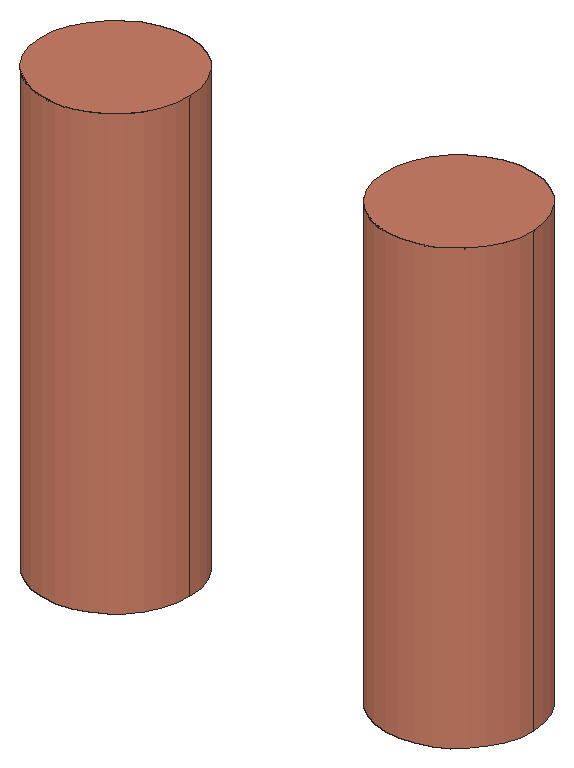
Revit family "56402203", category Plumbing Fixtures, Revit 2020
Family settings
  Round Connector Dimension = Use Diameter
  Part Type = Normal
  OmniClass Number = 23.45.55.00
  OmniClass Title = Sanitary Faucets, Wastes
  Work Plane-Based = No
  Always vertical = Yes
  Cut with Voids When Loaded = No
  Shared = No
  Room Calculation Point = No
Parameters (values of type "56402203 Washbasin faucet")
  Working Pressure = "50 - 1000 kPa"
  WarrantyStartDate [instance] = "n/a"
  WarrantyGuarantorParts = "n/a"
  WarrantyGuarantorLabor = "n/a"
  WarrantyDurationUnit = "Year"
  WarrantyDurationParts = "n/a"
  WarrantyDurationLabor = "n/a"
  WarrantyDescription = "http://warranty.hansa.com"
  Warranty Information URL = "http://warranty.hansa.com"
  VersionDate = "01/06/2023"
  Version = "1"
  ValvePattern = "n/a"
  ValveOperation = "n/a"
  ValveMechanism = "n/a"
  Uniclass2015Reference = "Pr_40_20_87_96"
  Uniclass2015Description = "Washbasin manual water supply sets"
  Uniclass2 = "Pr_40_30_96_96"
  URL REACH = "http://static.hansa.com/doc/reach"
  URL EcoLabel Declaration = "http://static.hansa.com/doc/EcoLabel"
  URL EU Packaging Declaration = "http://static.hansa.com/doc/packaging"
  URL Declaration of SCIP = "http://static.hansa.com/doc/SCIP"
  URL Declaration of Conformity = "http://static.hansa.com/DoC/56402203"
  URL Declaration of Asbestos = "http://static.hansa.com/doc/asbestos"
  URL Declaration Of Performance (DOP) = "http://static.hansa.com/doc/DoP"
  URL = ""
  UNSPSC Class Number = "30181700 Faucets or taps"
  TestPressure = "n/a"
  Temperature Adjustments = "Limitation option for maximum temperature and flow-rate ;Adjustable hot water stop (included, retrofittable)"
  Temperature = "Temperature limiter;Temperature limiter (retrofittable)"
  Technical DataSheet URL = "http://www.hansa.com/datasheet/56402203/en"
  TagNumber [instance] = "n/a"
  SustainabilityPerformance = "n/a"
  Surface treatment = "Chrome"
  Spout Type = "Fixed spout"
  Spout Projection = "103 mm"
  Spare-Part Information URL = "http://static.hansa.com/sp/56402203"
  Size = "Faucet:50x135x135 mm / Hand shower: 45x65x285 mm"
  Shower Parts = "Hand shower;Shower holder;Shower hose (1500 mm)"
  Shape = "Sculptured"
  SerialNumber [instance] = "n/a"
  Sales Package dimensions (LxWxH) = "540 x 146 x 59"
  Revision = "n/a"
  ReplacementCost = "n/a"
  ProductInformation = "Washbasin faucet with Bidetta hand shower"
  Product URL = "http://static.hansa.com/56402203"
  Product Image URL = "http://static.hansa.com/image/56402203"
  Product Family = "HANSAPALENO "
  Product Code = "56402203"
  OperatingMechanismMaterial = "n/a"
  Noise Class = "I (ISO3822)"
  Name_en = "56402203 Washbasin faucet"
  Name = "56402203 Washbasin faucet"
  NBSReference = "45-35-70/371"
  NBSDescription = "Water supply fittings for wash basins and troughs"
  Mounting Holes = "1 hole"
  ModelReference = "56402203"
  ModelNumber = "n/a"
  Model = "56402203 Washbasin faucet"
  Mobile Product Information URL = "http://mpi.hansa.com/56402203"
  Mechanical Parts = "ø 35 mm ceramic cartridge for flow and temperature control"
  Max. Hot Water Supply = 70 °C
  Material = "Brass"
  Market = "International;Germany;Austria;Switzerland;France;Italy;Spain"
  ManufacturerURL = "http://www.hansa.com"
  ManufacturerName = "HANSA"
  Manufacturer = "HANSA"
  Lever Handle = "Hot/Cold symbols;Single operating lever/handle"
  Interactive AR View URL = "https://static.hansa.com/AR/56402203"
  InstallationDate [instance] = "n/a"
  Installation and Maintenance Guide URL = "http://static.hansa.com/manual/56402203"
  Installation Type = "Deck mounted"
  InletConnectionSize = 10 mm
  IfcExportType = "FAUCET"  # constant formula
  IfcExportAs = "IfcValveType"  # constant formula
  HandShowerNominalWidth = 49.3 mm
  HandShowerNominalHeight = 296.7 mm
  HandShowerNominalDepth = 64.3 mm
  HandShowerDefaultElevation [instance] = 900 mm
  Hand Shower Visibility [instance] = yes
  Hand Shower = "Bidetta hand shower"
  Group = "Washbasin faucet"
  Grade = "n/a"
  FlowCoefficient = 0
  Flow Rate At 300kPa With Flow Controller = 0.01 L/s
  Flow Rate At 300kPa = 0.15 L/s
  Flow Drawing URL = "http://static.hansa.com/flowchart/56402203"
  Finish = "Polished"
  Features = "Single-lever;Bidetta"
  FaucetNominalWidth = 49.2 mm
  FaucetNominalHeight = 135.8 mm
  FaucetNominalDepth = 137.1 mm
  FaucetMainMaterial = Brass
  FaucetDefaultElevation [instance] = 900 mm
  FDV Document URL = "http://www.hansa.com/datasheet/56402203/en/fdv"
  ExpectedLife = "n/a"
  Excluded Items = "Without pop-up waste"
  ETIM Class Number = "EC011328 Washbasin mixing tap"
  EN Standard = "EN 817, EN 1113"
  EAN Number = "4057304012075"
  DurationUnit = "Year"
  Diverter = "Automatic reset"
  DistanceY-Axis [instance] = 100 mm
  DistanceX-Axis [instance] = 100 mm
  Dimension Drawing URL = "http://static.hansa.com/dimdrw/56402203"
  Description = ""
  Default Elevation = 0 mm
  Constituents = "n/a"
  Connection Size = "G3/8"
  Connection = "Flexible inlet pipes"
  Color = "Chrome"
  CodePerformance = "n/a"
  CloseOffRating = 0
  Category = "Washbasin"
  Catalog Drawing URL = "http://static.hansa.com/catdrw/56402203"
  Brand = "HANSA"
  BodyMaterial = "Brass"
  Barcode [instance] = "n/a"
  Backflow Prevention EN1717 = "HC"
  BIMObjectName = "56402203"
  Author = "BIMStone"
  AssetType = "Fixed"
  AssetIdentifier [instance] = "n/a"
  Aerator = "PCA® - constant flow rate regardless of pressure variations"
  Advanced Features = "Inner body made of DZR brass;3S-installation system for safe and simple mounting"
  Additional Features = "protected against back-flow in domestic use (according to DIN EN 1717)"
  AccessibilityPerformance = "n/a"
  3D View = "https://static.hansa.com/AR/56402203"
  2D/3D/BIM Files URL = "http://static.hansa.com/bim/56402203"
Reference planes
  plane 1 "Center (Front/Back)": y = 0
  plane 2: z = 0
  plane 3 "Center (Left/Right)": x = 0
  plane 4: x = -24.6
  plane 5: x = 24.6
  plane 6: z = 1035.8
  plane 7: z = 900
  plane 8: z = 870
  plane 9: y = -137.1
  plane 10: x = 75.35
  plane 11: x = 100
  plane 12: x = 124.65
  plane 13: y = 35.7
  plane 14: y = 100
  plane 15: z = 900
  plane 16: z = 1196.7
Forms (mm)
  Extrusion 1, solid, material "Copper"
    sketch origin (0, 5.403, 0) x (1, 0, 0) y (0, 1, 0)
      loop
        circle (-11.5, -29) r 5
      loop
        circle (11.5, -29) r 5
    from 870 to 900
Dimensions and locks
  equal spacing: plane 4, plane 3 "Center (Left/Right)", plane 5
  "FaucetNominalHeight": plane 6 to plane 7
  "FaucetDefaultElevation": plane 7 to level
  locked: plane 7 to plane 8 at 30
  "FaucetNominalDepth": plane 9 to plane 1 "Center (Front/Back)"
  "FaucetNominalWidth": plane 4 to plane 5
  equal spacing: plane 10, plane 11, plane 12
  "HandShowerNominalWidth": plane 10 to plane 12
  "HandShowerNominalDepth": plane 14 to plane 13
  "DistanceX-Axis": plane 3 "Center (Left/Right)" to plane 11
  "HandShowerNominalHeight": plane 16 to plane 15
  "HandShowerDefaultElevation": plane 15 to level
  "DistanceY-Axis": plane 14 to plane 1 "Center (Front/Back)"
  "InletConnectionSize": diameter of Extrusion 1 sketch curve  (x2)
  aligned and locked: level to plane 2
  aligned and locked: plane 7 to Extrusion 1
  aligned and locked: Extrusion 1 to plane 8
  aligned and locked: nested 2 to plane 14
  aligned and locked: plane 11 to nested 2
  aligned and locked: plane 7 to nested 3
  aligned and locked: nested 4 to plane 14
  aligned and locked: plane 15 to nested 4
Automatic sketch dimensions
  Extrusion 1 sketch curve to plane 3 "Center (Left/Right)" = 11.5 mm
  plane 3 "Center (Left/Right)" to Extrusion 1 sketch curve = 11.5 mm
  plane 1 "Center (Front/Back)" to Extrusion 1 sketch curve = 23.597 mm
  Extrusion 1 sketch curve to Extrusion 1 sketch curve = 0 mm
Nested families
  nested 1: "Symbol" at (0, 0, 0), type "Symbol", detail levels coarse
  nested 2: "Symbol" at (100, 100, 0), type "Symbol", detail levels coarse
  nested 3: "56402203_p" at (0, 0, 900), Main <- "FaucetMainMaterial", type "56402203_p"
    with Main Brass
  nested 4: "Bidetta_handshower" at (100, 100, 900), visible <- "Hand Shower Visibility", type "Bidetta_handshower"
Connectors
  piping at (-11.5, -23.597, 870), diameter 10, driven by "InletConnectionSize"
    settings: on Extrusion 1, index 1, connector inside diameter 609.6 mm, connector length 0 mm, flow factor 0, pipe flow 0.1 L/s, pressure drop 0.0 Pa, fitting loss kfactor 0, connector angle 0.00°, fixture units 0, engagement length 0 mm, angle of deflection 0.00°, flow configuration 1, flow direction 1, fitting loss method 0, system type 19, joint type 0, gender type 0, connector reference index -1, connector utility 0, adjustable connector no, is connector primary yes, connector description ""
  piping at (11.5, -23.597, 870), diameter 10, driven by "InletConnectionSize"
    settings: on Extrusion 1, index 2, connector inside diameter 609.6 mm, connector length 0 mm, flow factor 0, pipe flow 0.1 L/s, pressure drop 0.0 Pa, fitting loss kfactor 0, connector angle 0.00°, fixture units 0, engagement length 0 mm, angle of deflection 0.00°, flow configuration 1, flow direction 1, fitting loss method 0, system type 20, joint type 0, gender type 0, connector reference index -1, connector utility 0, adjustable connector no, is connector primary no, connector description ""
Definition of nested family "Symbol"
  Reference planes
    plane 1: y = 0
    plane 2: x = 0
  Lines and regions (mm)
    detail lines
      curve 1: line (0, 0, 0) -> (0, -1.8, 0)
      curve 2: line (-0.4, -1.1, 0) -> (0.4, -1.1, 0)
      curve 3: line (-0.4, -1.4, 0) -> (0.4, -1.4, 0)
      curve 4: line (0.863, 0, 0) -> (-0.863, 0, 0)
      curve 5: circle (-1.163, 0, 0) r 0.3 normal (0, 0, -1)
      curve 6: circle (1.163, 0, 0) r 0.3 normal (0, 0, 1)
Definition of nested family "56402203_p"
  Parameters (values of type "56402203_p")
    Main [instance] = none
    Default Elevation = 0 mm
  Reference planes
    plane 1 "Center (Front/Back)": y = 0
    plane 2: z = 0
    plane 3 "Center (Left/Right)": x = 0
    plane 4: x = -24.617
    plane 5: x = 24.617
    plane 6: y = -137.145
    plane 7: z = 135.82
  Forms (mm)
    Revolve 1, solid, material <- "Main", detail levels medium
      sketch origin (0, 0, 0) x (0, 1, 0) y (0, 0, 1)
        loop
          line (2.047, -23.402) -> (-13.649, 156.008) -> (-37.067, 153.96) -> (-21.371, -25.451) -> (2.047, -23.402)
        axis (-37.067, 153.96) -> (-21.371, -25.451)
      angle from 0 to 360
    Extrusion 2, void
      sketch origin (0, 0, 0) x (0, 1, 0) y (0, 0, 1)
        loop
          line (-84.903, 135.82) -> (-11.321, 135.82) -> (-11.321, 165.82) -> (-84.903, 165.82) -> (-84.903, 135.82)
        loop
          line (-67.585, 0) -> (-67.585, -35) -> (4.507, -35) -> (4.507, 0) -> (-67.585, 0)
      from -49.356 to 92.918
    Extrusion 3, solid, material <- "Main", detail levels medium
      sketch origin (0, 0, 0) x (1, 0, 0) y (0, 1, 0)
        loop
          line (-7.521, -76.581) -> (-6.93, -121.044)
          arc (-6.93, -121.044) -> (-6.646, -121.856) -> (-5.931, -122.333) r 1.354
          arc (-5.931, -122.333) -> (-2.992, -122.919) -> (0, -123.101) r 22.031
          arc (0, -123.101) -> (2.992, -122.919) -> (5.931, -122.333) r 22.031
          arc (5.931, -122.333) -> (6.646, -121.856) -> (6.93, -121.044) r 1.354
          line (6.93, -121.044) -> (7.521, -76.581)
          arc (7.521, -76.581) -> (8.321, -70.237) -> (10.649, -64.282) r 25.931
          arc (10.649, -64.282) -> (13.331, -59.854) -> (16.426, -55.705) r 53.655
          arc (16.426, -55.705) -> (18.861, -52.519) -> (21.056, -49.162) r 54.532
          arc (21.056, -49.162) -> (23.173, -41.379) -> (23.403, -33.317) r 34.087
          line (23.403, -33.317) -> (-23.403, -33.317)
          arc (-23.403, -33.317) -> (-23.173, -41.379) -> (-21.056, -49.162) r 34.087
          arc (-21.056, -49.162) -> (-18.861, -52.519) -> (-16.426, -55.705) r 54.532
          arc (-16.426, -55.705) -> (-13.331, -59.854) -> (-10.649, -64.282) r 53.655
          arc (-10.649, -64.282) -> (-8.321, -70.237) -> (-7.521, -76.581) r 25.931
      from 123.077 to 135.82
    Extrusion 4, solid, material <- "Main", detail levels medium
      sketch origin (0, 0, 0) x (0, 1, 0) y (0, 0, 1)
        loop
          line (-89.259, 93.823) -> (-136.029, 89.512)
          arc (-136.029, 89.512) -> (-137.056, 88.681) -> (-136.685, 87.413) r 1.191
          line (-136.685, 87.413) -> (-131.681, 83.214) -> (-135.734, 77.426) -> (-116.093, 63.673) -> (-113.243, 67.743) -> (-111.732, 66.475) -> (-36.551, 68.212) -> (-39.16, 98.033)
          arc (-39.16, 98.033) -> (-64.218, 96.03) -> (-89.259, 93.823) r 3101.602
      from -20 to 20
    Extrusion 5, solid, material <- "Main", detail levels coarse
      sketch origin (0, 0, 0) x (0, 1, 0) y (0, 0, 1)
        loop
          line (0, 0) -> (0, 135.82) -> (-137.145, 135.82) -> (-137.145, 0) -> (0, 0)
      from -24.617 to 24.617
  Cuts and joins
    joined: Extrusion 3, Extrusion 4
    Extrusion 2 cuts Revolve 1
  Lines and regions (mm)
    symbolic lines, detail levels medium+fine
      curve 1: arc (-10.483, -136.441, 0) -> (0.493, -137.143, 0) -> (11.459, -136.294, 0) r 77.963
      curve 2: line (-16.526, -130.006, 0) -> (-22.573, -45.875, 0)
      curve 3: arc (-10.483, -136.441, 0) -> (-14.647, -134.297, 0) -> (-16.526, -130.006, 0) r 7
      curve 4: arc (-24.617, -33.317, 0) -> (-24.331, -29.576, 0) -> (-23.48, -25.922, 0) r 24.617
      curve 5: arc (-23.48, -25.922, 0) -> (-22.352, -16.636, 0) -> (-17.956, -8.379, 0) r 25.54
      curve 6: arc (-17.956, -8.379, 0) -> (-12.813, -3.703, 0) -> (-6.464, -0.874, 0) r 21.896
      curve 7: arc (-6.464, -0.874, 0) -> (-3.26, -0.234, 0) -> (0, 0, 0) r 26.072
      curve 8: arc (-22.573, -45.875, 0) -> (-24.103, -39.678, 0) -> (-24.617, -33.317, 0) r 39.601
      curve 17: line (16.526, -130.006, 0) -> (22.573, -45.875, 0)
      curve 18: arc (10.483, -136.441, 0) -> (14.647, -134.297, 0) -> (16.526, -130.006, 0) r 7
      curve 19: arc (24.617, -33.317, 0) -> (24.331, -29.576, 0) -> (23.48, -25.922, 0) r 24.617
      curve 20: arc (23.48, -25.922, 0) -> (22.352, -16.636, 0) -> (17.956, -8.379, 0) r 25.54
      curve 21: arc (17.956, -8.379, 0) -> (12.813, -3.703, 0) -> (6.464, -0.874, 0) r 21.896
      curve 22: arc (6.464, -0.874, 0) -> (3.26, -0.234, 0) -> (0, 0, 0) r 26.072
      curve 23: arc (22.573, -45.875, 0) -> (24.103, -39.678, 0) -> (24.617, -33.317, 0) r 39.601
      curve 32: line (0, 0, 0) -> (-23.507, 0, 0)
      curve 33: line (-23.507, 0, 0) -> (-23.507, 0, 98.025)
      curve 34: line (-24.617, 0, 101.423) -> (-24.191, 0, 133.145)
      curve 35: line (0, 0, 135.82) -> (-5.848, 0, 135.82)
      curve 36: arc (-5.848, 0, 135.82) -> (-14.236, 0, 135.589) -> (-22.599, 0, 134.898) r 152.743
      curve 37: arc (-24.191, 0, 133.145) -> (-23.727, 0, 134.323) -> (-22.599, 0, 134.898) r 1.788
      curve 43: line (-22.622, 0, 100.367) -> (-22.757, 0, 98.832)
      curve 44: arc (-23.507, 0, 97.889) -> (-23.297, 0, 98.492) -> (-22.757, 0, 98.832) r 0.967
      curve 48: spline (-24.617, 0, 101.423) -> (-24.603, 0, 101.333) -> (-24.561, 0, 101.244) -> (-24.492, 0, 101.154) -> (-24.395, 0, 101.065) -> (-24.27, 0, 100.977) -> (-24.118, 0, 100.888) -> (-23.938, 0, 100.801) -> (-23.731, 0, 100.714) -> (-23.498, 0, 100.628) -> (-23.238, 0, 100.543) -> (-22.952, 0, 100.459) -> (-22.639, 0, 100.375)
      curve 59: line (0, 0, 0) -> (23.507, 0, 0)
      curve 60: line (23.507, 0, 0) -> (23.507, 0, 98.025)
      curve 61: line (24.617, 0, 101.423) -> (24.191, 0, 133.145)
      curve 62: line (0, 0, 135.82) -> (5.848, 0, 135.82)
      curve 63: arc (5.848, 0, 135.82) -> (14.236, 0, 135.589) -> (22.599, 0, 134.898) r 152.743
      curve 64: arc (24.191, 0, 133.145) -> (23.727, 0, 134.323) -> (22.599, 0, 134.898) r 1.788
      curve 70: line (22.622, 0, 100.367) -> (22.757, 0, 98.832)
      curve 71: arc (23.507, 0, 97.889) -> (23.297, 0, 98.492) -> (22.757, 0, 98.832) r 0.967
      curve 75: spline (24.617, 0, 101.423) -> (24.603, 0, 101.333) -> (24.561, 0, 101.244) -> (24.492, 0, 101.154) -> (24.395, 0, 101.065) -> (24.27, 0, 100.977) -> (24.118, 0, 100.888) -> (23.938, 0, 100.801) -> (23.731, 0, 100.714) -> (23.498, 0, 100.628) -> (23.238, 0, 100.543) -> (22.952, 0, 100.459) -> (22.639, 0, 100.375)
      curve 86: line (0, 0, 0) -> (0, -47.195, 0)
      curve 87: line (0, -8.796, 100.544) -> (0, -9.596, 100.479)
      curve 90: line (0, 0, 0) -> (0, -1.548, 17.697)
      curve 91: line (0, -47.195, 0) -> (0, -50.89, 42.234)
      curve 92: line (0, -78.815, 67.236) -> (0, -111.732, 66.475)
      curve 93: arc (0, -50.89, 42.234) -> (0, -59.908, 60.258) -> (0, -78.815, 67.236) r 27.397
      curve 94: arc (0, -55.658, 96.737) -> (0, -72.462, 95.326) -> (0, -89.259, 93.823) r 3101.602
      curve 95: arc (0, -9.596, 100.479) -> (0, -11.065, 106.263) -> (0, -14.026, 111.444) r 22.12
      curve 96: line (0, -54.889, 99.207) -> (0, -54.889, 96.8)
      curve 97: line (0, -56.631, 99.066) -> (0, -59.137, 116.246)
      curve 98: line (0, -9.85, 113.821) -> (0, -13.212, 133.304)
      curve 99: line (0, -67.187, 123.208) -> (0, -121.021, 123.208)
      curve 100: arc (0, -59.137, 116.246) -> (0, -61.866, 121.226) -> (0, -67.187, 123.208) r 8.136
      curve 101: arc (0, -122.469, 134.918) -> (0, -123.109, 129.669) -> (0, -122.532, 124.413) r 22.989
      curve 102: arc (0, -121.021, 123.208) -> (0, -121.988, 123.546) -> (0, -122.532, 124.413) r 1.55
      curve 103: line (0, -121.096, 136) -> (0, -76.114, 136)
      curve 104: arc (0, -122.469, 134.918) -> (0, -121.97, 135.697) -> (0, -121.096, 136) r 1.413
      curve 105: arc (0, -76.114, 136) -> (0, -62.213, 135.816) -> (0, -48.321, 135.262) r 523.836
      curve 106: line (0, -15.076, 134.874) -> (0, -33.248, 134.874)
      curve 107: arc (0, -48.321, 135.262) -> (0, -40.787, 134.965) -> (0, -33.248, 134.874) r 275.77
      curve 108: arc (0, -13.212, 133.304) -> (0, -13.858, 134.429) -> (0, -15.076, 134.874) r 1.891
      curve 110: line (0, -3.293, 37.639) -> (0, -8.796, 100.544)
      curve 111: line (0, -54.889, 99.207) -> (0, -56.631, 99.066)
      curve 112: line (0, -54.889, 96.8) -> (0, -55.658, 96.737)
      curve 113: line (0, -14.026, 111.444) -> (0, -9.85, 113.821)
      curve 115: line (0, -111.732, 66.475) -> (0, -113.243, 67.743)
      curve 116: line (0, -89.259, 93.823) -> (0, -136.029, 89.512)
      curve 117: arc (0, -136.029, 89.512) -> (0, -137.056, 88.681) -> (0, -136.685, 87.413) r 1.191
      curve 118: line (0, -135.734, 77.426) -> (0, -116.093, 63.673)
      curve 119: line (0, -131.681, 83.214) -> (0, -135.734, 77.426)
      curve 120: line (0, -113.243, 67.743) -> (0, -116.093, 63.673)
      curve 121: line (0, -131.681, 83.214) -> (0, -136.685, 87.413)
      curve 131: line (0, -0.184, 19.262) -> (0, -1.664, 36.175)
      curve 132: line (0, -2.395, 37.22) -> (0, -3.293, 37.639)
      curve 133: arc (0, -1.664, 36.175) -> (0, -1.889, 36.796) -> (0, -2.395, 37.22) r 1.275
      curve 134: line (0, -0.637, 18.311) -> (0, -1.548, 17.697)
      curve 135: arc (0, -0.184, 19.262) -> (0, -0.281, 18.725) -> (0, -0.637, 18.311) r 1.038
    symbolic lines, detail levels fine
      curve 9: arc (-21.056, -49.162, 0) -> (-21.905, -47.56, 0) -> (-22.573, -45.875, 0) r 16.527
      curve 10: arc (-16.426, -55.705, 0) -> (-18.861, -52.519, 0) -> (-21.056, -49.162, 0) r 54.532
      curve 11: arc (-10.649, -64.282, 0) -> (-13.331, -59.854, 0) -> (-16.426, -55.705, 0) r 53.655
      curve 12: arc (-7.521, -76.581, 0) -> (-8.321, -70.237, 0) -> (-10.649, -64.282, 0) r 25.931
      curve 13: line (-7.521, -76.581, 0) -> (-6.93, -121.044, 0)
      curve 14: arc (-5.931, -122.333, 0) -> (-2.992, -122.919, 0) -> (0, -123.101, 0) r 22.031
      curve 15: arc (-6.93, -121.044, 0) -> (-6.646, -121.856, 0) -> (-5.931, -122.333, 0) r 1.354
      curve 16: arc (-23.48, -25.922, 0) -> (-14.56, -13.467, 0) -> (0, -8.7, 0) r 24.617
      curve 24: arc (21.056, -49.162, 0) -> (21.905, -47.56, 0) -> (22.573, -45.875, 0) r 16.527
      curve 25: arc (16.426, -55.705, 0) -> (18.861, -52.519, 0) -> (21.056, -49.162, 0) r 54.532
      curve 26: arc (10.649, -64.282, 0) -> (13.331, -59.854, 0) -> (16.426, -55.705, 0) r 53.655
      curve 27: arc (7.521, -76.581, 0) -> (8.321, -70.237, 0) -> (10.649, -64.282, 0) r 25.931
      curve 28: line (7.521, -76.581, 0) -> (6.93, -121.044, 0)
      curve 29: arc (5.931, -122.333, 0) -> (2.992, -122.919, 0) -> (0, -123.101, 0) r 22.031
      curve 30: arc (6.93, -121.044, 0) -> (6.646, -121.856, 0) -> (5.931, -122.333, 0) r 1.354
      curve 31: arc (23.48, -25.922, 0) -> (14.56, -13.467, 0) -> (0, -8.7, 0) r 24.617
      curve 38: arc (-6.756, 0, 134.058) -> (-6.963, 0, 129.627) -> (-6.756, 0, 125.196) r 47.666
      curve 39: arc (-5.128, 0, 135.675) -> (-6.235, 0, 135.162) -> (-6.756, 0, 134.058) r 1.79
      curve 40: arc (-2.068, 0, 135.82) -> (-3.599, 0, 135.777) -> (-5.128, 0, 135.675) r 39.282
      curve 41: arc (-6.756, 0, 125.196) -> (-6.258, 0, 124.11) -> (-5.191, 0, 123.571) r 1.809
      curve 42: arc (-5.191, 0, 123.571) -> (-2.601, 0, 123.329) -> (0, 0, 123.281) r 34.732
      curve 45: spline (-22.757, 0, 98.832) -> (-22.562, 0, 98.576) -> (-21.981, 0, 98.323) -> (-21.024, 0, 98.079) -> (-19.707, 0, 97.849) -> (-18.053, 0, 97.635) -> (-16.091, 0, 97.441) -> (-13.852, 0, 97.272) -> (-11.377, 0, 97.129) -> (-8.708, 0, 97.015) -> (-5.889, 0, 96.932) -> (-2.97, 0, 96.882) -> (0, 0, 96.865)
      curve 46: line (-23.507, 0, 87.376) -> (-16.905, 0, 74.958)
      curve 47: arc (-16.905, 0, 74.958) -> (-14.342, 0, 71.239) -> (-11, 0, 68.199) r 19.74
      curve 49: arc (-13.632, 0, 86.46) -> (-6.829, 0, 87.082) -> (0, 0, 87.29) r 112.335
      curve 50: line (-23.507, 0, 98.025) -> (-17.405, 0, 88.261)
      curve 51: arc (-17.405, 0, 88.261) -> (-15.781, 0, 86.811) -> (-13.632, 0, 86.46) r 3.893
      curve 52: spline (0, 0, 64.492) -> (-2.773, 0, 64.701) -> (-5.358, 0, 65.313) -> (-7.577, 0, 66.285) -> (-9.28, 0, 67.553) -> (-10.351, 0, 69.029) -> (-10.716, 0, 70.613) -> (-10.351, 0, 72.198) -> (-9.28, 0, 73.674) -> (-7.577, 0, 74.941) -> (-5.358, 0, 75.914) -> (-2.773, 0, 76.526) -> (0, 0, 76.734)
      curve 53: line (-11, 0, 76.576) -> (-11, 0, 68.199)
      curve 54: arc (-11, 0, 76.576) -> (-11.983, 0, 73.761) -> (-11, 0, 70.946) r 4.519
      curve 55: arc (-11.983, 0, 73.761) -> (-11.352, 0, 77.899) -> (-8.48, 0, 80.944) r 7.028
      curve 56: arc (-8.48, 0, 80.944) -> (-4.383, 0, 82.589) -> (0, 0, 83.121) r 16.963
      curve 57: arc (-11, 0, 68.199) -> (-5.857, 0, 65.287) -> (0, 0, 64.492) r 15.628
      curve 58: spline (-22.639, 0, 100.375) -> (-21.593, 0, 100.142) -> (-20.343, 0, 99.921) -> (-18.901, 0, 99.714) -> (-17.28, 0, 99.523) -> (-15.496, 0, 99.35) -> (-13.565, 0, 99.197) -> (-11.506, 0, 99.065) -> (-9.338, 0, 98.955) -> (-7.082, 0, 98.868) -> (-4.759, 0, 98.806) -> (-2.391, 0, 98.768) -> (0, 0, 98.756)
      curve 65: arc (6.756, 0, 134.058) -> (6.963, 0, 129.627) -> (6.756, 0, 125.196) r 47.666
      curve 66: arc (5.128, 0, 135.675) -> (6.235, 0, 135.162) -> (6.756, 0, 134.058) r 1.79
      curve 67: arc (2.068, 0, 135.82) -> (3.599, 0, 135.777) -> (5.128, 0, 135.675) r 39.282
      curve 68: arc (6.756, 0, 125.196) -> (6.258, 0, 124.11) -> (5.191, 0, 123.571) r 1.809
      curve 69: arc (5.191, 0, 123.571) -> (2.601, 0, 123.329) -> (0, 0, 123.281) r 34.732
      curve 72: spline (22.757, 0, 98.832) -> (22.562, 0, 98.576) -> (21.981, 0, 98.323) -> (21.024, 0, 98.079) -> (19.707, 0, 97.849) -> (18.053, 0, 97.635) -> (16.091, 0, 97.441) -> (13.852, 0, 97.272) -> (11.377, 0, 97.129) -> (8.708, 0, 97.015) -> (5.889, 0, 96.932) -> (2.97, 0, 96.882) -> (0, 0, 96.865)
      curve 73: line (23.507, 0, 87.376) -> (16.905, 0, 74.958)
      curve 74: arc (16.905, 0, 74.958) -> (14.342, 0, 71.239) -> (11, 0, 68.199) r 19.74
      curve 76: arc (13.632, 0, 86.46) -> (6.829, 0, 87.082) -> (0, 0, 87.29) r 112.335
      curve 77: line (23.507, 0, 98.025) -> (17.405, 0, 88.261)
      curve 78: arc (17.405, 0, 88.261) -> (15.781, 0, 86.811) -> (13.632, 0, 86.46) r 3.893
      curve 79: spline (0, 0, 64.492) -> (2.773, 0, 64.701) -> (5.358, 0, 65.313) -> (7.577, 0, 66.285) -> (9.28, 0, 67.553) -> (10.351, 0, 69.029) -> (10.716, 0, 70.613) -> (10.351, 0, 72.198) -> (9.28, 0, 73.674) -> (7.577, 0, 74.941) -> (5.358, 0, 75.914) -> (2.773, 0, 76.526) -> (0, 0, 76.734)
      curve 80: line (11, 0, 76.576) -> (11, 0, 68.199)
      curve 81: arc (11, 0, 76.576) -> (11.983, 0, 73.761) -> (11, 0, 70.946) r 4.519
      curve 82: arc (11.983, 0, 73.761) -> (11.352, 0, 77.899) -> (8.48, 0, 80.944) r 7.028
      curve 83: arc (8.48, 0, 80.944) -> (4.383, 0, 82.589) -> (0, 0, 83.121) r 16.963
      curve 84: arc (11, 0, 68.199) -> (5.857, 0, 65.287) -> (0, 0, 64.492) r 15.628
      curve 85: spline (22.639, 0, 100.375) -> (21.593, 0, 100.142) -> (20.343, 0, 99.921) -> (18.901, 0, 99.714) -> (17.28, 0, 99.523) -> (15.496, 0, 99.35) -> (13.565, 0, 99.197) -> (11.506, 0, 99.065) -> (9.338, 0, 98.955) -> (7.082, 0, 98.868) -> (4.759, 0, 98.806) -> (2.391, 0, 98.768) -> (0, 0, 98.756)
      curve 88: line (0, -32.303, 101.042) -> (0, -14.026, 111.444)
      curve 89: line (0, -32.303, 101.042) -> (0, -54.889, 99.207)
      curve 109: line (0, -1.548, 17.697) -> (0, -3.293, 37.639)
      curve 114: line (0, -9.596, 100.479) -> (0, -54.889, 96.8)
      curve 122: line (0, -113.243, 67.743) -> (0, -131.681, 83.214)
      curve 123: arc (-3.475, -3.353, 0) -> (0, -3.288, 0) -> (3.474, -3.354, 0) r 93.038
      curve 124: line (-3.963, -2.573, 0) -> (-3.351, -1.422, 0)
      curve 125: arc (-3.351, -1.422, 0) -> (-2.534, -0.745, 0) -> (-1.567, -0.308, 0) r 3.968
      curve 126: arc (-3.475, -3.353, 0) -> (-3.944, -3.104, 0) -> (-3.963, -2.573, 0) r 0.531
      curve 127: line (3.963, -2.573, 0) -> (3.351, -1.422, 0)
      curve 128: arc (3.351, -1.422, 0) -> (2.534, -0.745, 0) -> (1.567, -0.308, 0) r 3.968
      curve 129: arc (3.474, -3.353, 0) -> (3.944, -3.104, 0) -> (3.963, -2.573, 0) r 0.531
      curve 130: arc (-1.567, -0.308, 0) -> (0, -0.131, 0) -> (1.567, -0.308, 0) r 7.055
  Dimensions and locks
    aligned and locked: level to plane 2
Definition of nested family "Bidetta_handshower"
  Parameters (values of type "Bidetta_handshower")
    Material [instance] = none
    Default Elevation = 0 mm
  Reference planes
    plane 1 "Center (Front/Back)": y = 0
    plane 2: z = 0
    plane 3 "Center (Left/Right)": x = 0
    plane 4: x = 24.632
    plane 5: x = -24.632
    plane 6: y = -64.333
    plane 7: z = 296.661
    plane 8: through (0, -27.5, 286.095) normal (0, -0.5928, 0.8054)
  Forms (mm)
    Revolve 1, solid, material <- "Material", detail levels medium
      sketch origin (0, -0.885, 0.802) x (0, 1, 0) y (0, 0, 1)
        loop
          line (-38.441, -0.802) -> (-26.831, -0.802) -> (-28.096, 29.198) -> (-30.943, 29.198) -> (-30.943, 52.874)
          arc (-30.943, 52.874) -> (-31.529, 54.288) -> (-32.943, 54.874) r 2
          line (-32.943, 54.874) -> (-38.441, 54.874) -> (-38.441, -0.802)
        loop
          arc (-32.996, 57.516) -> (-31.582, 58.102) -> (-30.996, 59.516) r 2
          line (-30.996, 59.516) -> (-30.996, 83.198) -> (-28.192, 83.198) -> (-26.615, 114.245) -> (-26.615, 274.881)
          arc (-26.615, 274.881) -> (-29.942, 284.277) -> (-38.441, 289.484) r 14.93
          line (-38.441, 289.484) -> (-38.441, 57.516) -> (-32.996, 57.516)
        axis (-38.441, 289.484) -> (-38.441, -0.802)
      angle from 0 to 360
    Extrusion 2, solid, material <- "Material", detail levels coarse
      sketch origin (0, 5.432, 0.599) x (0, 1, 0) y (0, 0, 1)
        loop
          line (-5.432, 296.062) -> (-69.765, 296.062) -> (-69.765, -0.599) -> (-5.432, -0.599) -> (-5.432, 296.062)
      from -24.632 to 24.632
    Blend 3, solid, material <- "Material", detail levels medium
      base sketch origin (0, 0, 0) x (1, 0, 0) y (0, 0, 1)
        loop
          arc (0, 290.203) -> (-8.248, 284.931) -> (-11.458, 275.683) r 14.93
          arc (-11.458, 275.683) -> (-8.248, 266.435) -> (0, 261.163) r 14.93
          arc (0, 261.163) -> (8.248, 266.435) -> (11.458, 275.683) r 14.93
          arc (11.458, 275.683) -> (8.248, 284.931) -> (0, 290.203) r 14.93
      top sketch origin (0, 0, 0) x (1, 0, 0) y (0, 0, 1)
        loop
          arc (0, 260.962) -> (12.622, 266.19) -> (17.85, 278.812) r 17.85
          arc (17.85, 278.812) -> (12.622, 291.433) -> (0, 296.662) r 17.85
          arc (0, 296.662) -> (-12.622, 291.433) -> (-17.85, 278.812) r 17.85
          arc (-17.85, 278.812) -> (-12.622, 266.19) -> (0, 260.962) r 17.85
      from 39.326 to 59.568
    Revolve 4, solid, detail levels medium
      sketch origin (0, 0, 0) x (0, 1, 0) y (0, 0, 1)
        loop
          line (-64.318, 156.518) -> (-40.211, 156.518) -> (-40.211, 167.798) -> (-53.049, 167.798)
          arc (-53.049, 167.798) -> (-55.963, 166.537) -> (-57.041, 163.55) r 4
          arc (-57.041, 163.55) -> (-62.093, 161.497) -> (-64.318, 156.518) r 7.31
        axis (-64.318, 156.518) -> (-40.211, 156.518)
      angle from 0 to 360
    Extrusion 5, solid, detail levels medium
      sketch origin (0, 0, 0) x (0, 1, 0) y (0, 0, 1)
        loop
          spline (-58.339, 188.821) -> (-58.371, 191.102) -> (-58.578, 193.232) -> (-58.946, 195.066) -> (-59.45, 196.479) -> (-60.054, 197.374) -> (-60.719, 197.691) -> (-61.399, 197.408) -> (-62.047, 196.543) -> (-62.619, 195.157) -> (-63.077, 193.343) -> (-63.389, 191.226) -> (-63.533, 188.949)
          line (-63.533, 188.949) -> (-64.333, 156.518) -> (-59.135, 156.518) -> (-58.339, 188.821)
      from -8.952 to 9
    Blend 6, solid, material <- "Material", detail levels medium
      base sketch origin (0, 0, 0) x (1, 0, 0) y (0, 0, 1)
        loop
          arc (-23.578, 84.427) -> (-20.467, 78.21) -> (-14.25, 75.1) r 11
          arc (-14.25, 75.1) -> (0, 74.083) -> (14.25, 75.1) r 100.403
          arc (14.25, 75.1) -> (20.467, 78.21) -> (23.578, 84.427) r 11
          arc (23.578, 84.427) -> (24.594, 98.677) -> (23.578, 112.927) r 100.403
          arc (23.578, 112.927) -> (20.467, 119.144) -> (14.25, 122.255) r 11
          arc (14.25, 122.255) -> (0, 123.271) -> (-14.25, 122.255) r 100.403
          arc (-14.25, 122.255) -> (-20.467, 119.144) -> (-23.578, 112.927) r 11
          arc (-23.578, 112.927) -> (-24.594, 98.677) -> (-23.578, 84.427) r 100.403
      top sketch origin (0, 0, 0) x (1, 0, 0) y (0, 0, 1)
        loop
          arc (19.618, 112.36) -> (17.639, 116.316) -> (13.682, 118.295) r 7
          arc (13.682, 118.295) -> (0, 119.271) -> (-13.682, 118.295) r 96.403
          arc (-13.682, 118.295) -> (-17.639, 116.316) -> (-19.618, 112.36) r 7
          arc (-19.618, 112.36) -> (-20.594, 98.677) -> (-19.618, 84.995) r 96.403
          arc (-19.618, 84.995) -> (-17.639, 81.039) -> (-13.682, 79.059) r 7
          arc (-13.682, 79.059) -> (0, 78.083) -> (13.682, 79.059) r 96.403
          arc (13.682, 79.059) -> (17.639, 81.039) -> (19.618, 84.995) r 7
          arc (19.618, 84.995) -> (20.594, 98.677) -> (19.618, 112.36) r 96.403
      from 0 to 11.376
    Blend 7, solid, material <- "Material", detail levels medium
      base sketch origin (0, 0, 0) x (1, 0, 0) y (0, 0, 1)
        loop
          arc (-13.682, 118.295) -> (-17.639, 116.316) -> (-19.618, 112.36) r 7
          arc (-19.618, 112.36) -> (-20.594, 98.677) -> (-19.618, 84.995) r 96.403
          arc (-19.618, 84.995) -> (-17.639, 81.039) -> (-13.682, 79.059) r 7
          arc (-13.682, 79.059) -> (0, 78.083) -> (13.682, 79.059) r 96.403
          arc (13.682, 79.059) -> (17.639, 81.039) -> (19.618, 84.995) r 7
          arc (19.618, 84.995) -> (20.594, 98.677) -> (19.618, 112.36) r 96.403
          arc (19.618, 112.36) -> (17.639, 116.316) -> (13.682, 118.295) r 7
          arc (13.682, 118.295) -> (0, 119.271) -> (-13.682, 118.295) r 96.403
      top sketch origin (0, 0, 0) x (1, 0, 0) y (0, 0, 1)
        loop
          arc (13.399, 116.315) -> (0, 117.271) -> (-13.399, 116.315) r 94.403
          arc (-13.399, 116.315) -> (-16.224, 114.902) -> (-17.638, 112.076) r 5
          arc (-17.638, 112.076) -> (-18.594, 98.677) -> (-17.638, 85.279) r 94.403
          arc (-17.638, 85.279) -> (-16.224, 82.453) -> (-13.399, 81.039) r 5
          arc (-13.399, 81.039) -> (0, 80.083) -> (13.399, 81.039) r 94.403
          arc (13.399, 81.039) -> (16.224, 82.453) -> (17.638, 85.279) r 5
          arc (17.638, 85.279) -> (18.594, 98.677) -> (17.638, 112.076) r 94.403
          arc (17.638, 112.076) -> (16.224, 114.902) -> (13.399, 116.315) r 5
      from 11.376 to 47.238
  Lines and regions (mm)
    symbolic lines, detail levels fine
      curve 1: arc (-11.541, 0, 265.036) -> (0, 0, 260.824) -> (11.541, 0, 265.036) r 17.918
      curve 2: line (-11.541, 0, 117.142) -> (-11.541, 0, 122.606)
      curve 13: arc (0, -47.049, 113.41) -> (0, -47.3, 105.765) -> (0, -47.293, 98.116) r 227.226
      curve 15: line (0, -41.435, 117.212) -> (0, -43.054, 117.212)
      curve 16: line (0, -41.435, 117.212) -> (0, -28.278, 119.295)
      curve 17: arc (0, -43.054, 117.212) -> (0, -45.811, 116.109) -> (0, -47.049, 113.41) r 4
      curve 18: line (0, -41.435, 79.021) -> (0, -43.054, 79.021)
      curve 19: line (0, -41.435, 79.021) -> (0, -37.364, 78.376)
      curve 20: arc (0, -43.054, 79.021) -> (0, -45.3, 79.712) -> (0, -46.771, 81.545) r 4
      curve 34: line (0, -49.551, 167.798) -> (0, -37.802, 161.015)
      curve 35: line (0, -37.802, 161.015) -> (0, -37.802, 152.021)
      curve 39: line (0, -49.551, 145.238) -> (0, -37.802, 152.021)
      curve 58: line (0, -31.881, 78.185) -> (0, -37.364, 78.376)
      curve 60: arc (0, -47.106, 84.038) -> (0, -47.309, 91.076) -> (0, -47.293, 98.116) r 227.226
      curve 61: line (0, -27.428, 119.325) -> (0, -28.278, 119.295)
      curve 62: line (0, -46.771, 30) -> (0, -39.326, 30)
      curve 63: line (0, -31.881, 30) -> (0, -39.326, 30)
      curve 64: line (11.541, 0, 117.142) -> (11.541, 0, 122.606)
      curve 65: line (-8.837, 0, 188.877) -> (-8.837, 0, 158.334)
      curve 66: arc (8.5, 0, 188.877) -> (-0.169, 0, 197.545) -> (-8.837, 0, 188.877) r 8.669
      curve 67: spline (-8.837, 0, 162.862) -> (-10.954, 0, 159.319) -> (-11.522, 0, 155.295) -> (-10.461, 0, 151.36) -> (-7.921, 0, 148.069) -> (-4.262, 0, 145.888) -> (0, 0, 145.125) -> (4.262, 0, 145.888) -> (7.921, 0, 148.069) -> (10.461, 0, 151.36) -> (11.522, 0, 155.295) -> (10.954, 0, 159.319) -> (8.837, 0, 162.862)
      curve 68: line (8.837, 0, 188.877) -> (8.837, 0, 158.334)
      curve 69: arc (-8.837, 0, 158.334) -> (0, 0, 149.497) -> (8.837, 0, 158.334) r 8.837
      curve 81: line (-7.498, 0, 84) -> (-7.498, 0, 74.364)
      curve 83: line (-7.498, 0, 30) -> (0, 0, 30)
      curve 84: arc (-18.648, 0, 107.809) -> (-19.178, 0, 97.956) -> (-18.667, 0, 88.102) r 93.482
      curve 85: arc (-12.509, 0, 117.125) -> (-16.709, 0, 113.212) -> (-18.648, 0, 107.809) r 12.172
      curve 86: arc (-18.667, 0, 88.102) -> (-16.523, 0, 82.418) -> (-11.87, 0, 78.513) r 11.997
      curve 87: arc (-11.861, 0, 78.509) -> (-9.731, 0, 77.719) -> (-7.498, 0, 77.305) r 13.198
      curve 88: arc (-9.129, 0, 111.996) -> (-8.119, 0, 97.8) -> (-8.608, 0, 83.576) r 135.164
      curve 89: arc (-11.086, 0, 116.784) -> (-9.789, 0, 114.52) -> (-9.129, 0, 111.996) r 9.902
      curve 90: arc (-12.509, 0, 117.125) -> (-11.737, 0, 117.208) -> (-11.086, 0, 116.784) r 1.159
      curve 91: arc (-8.608, 0, 83.576) -> (-9.197, 0, 81.124) -> (-10.481, 0, 78.952) r 8.496
      curve 92: arc (-10.481, 0, 78.952) -> (-11.109, 0, 78.525) -> (-11.87, 0, 78.513) r 1.327
      curve 93: arc (18.648, 0, 107.809) -> (19.178, 0, 97.956) -> (18.667, 0, 88.102) r 93.482
      curve 94: arc (12.509, 0, 117.125) -> (16.709, 0, 113.212) -> (18.648, 0, 107.809) r 12.172
      curve 95: arc (18.667, 0, 88.102) -> (16.523, 0, 82.418) -> (11.87, 0, 78.513) r 11.997
      curve 96: arc (9.129, 0, 111.996) -> (8.119, 0, 97.8) -> (8.608, 0, 83.576) r 135.164
      curve 97: arc (11.086, 0, 116.784) -> (9.789, 0, 114.52) -> (9.129, 0, 111.996) r 9.902
      curve 98: arc (12.509, 0, 117.125) -> (11.737, 0, 117.208) -> (11.086, 0, 116.784) r 1.159
      curve 99: arc (8.608, 0, 83.576) -> (9.197, 0, 81.124) -> (10.481, 0, 78.952) r 8.496
      curve 100: arc (10.481, 0, 78.952) -> (11.109, 0, 78.525) -> (11.87, 0, 78.513) r 1.327
      curve 101: line (-8.571, 0, 84) -> (8.571, 0, 84)
      curve 105: line (7.498, 0, 84) -> (7.498, 0, 74.364)
      curve 107: line (7.498, 0, 30) -> (0, 0, 30)
      curve 136: arc (-11.793, -35.489, 0) -> (0, -26.605, 0) -> (11.793, -35.489, 0) r 12.27
      curve 137: arc (-14.903, -46.984, 0) -> (-13.392, -41.225, 0) -> (-11.793, -35.489, 0) r 386.99
      curve 138: arc (14.903, -46.984, 0) -> (13.392, -41.225, 0) -> (11.793, -35.489, 0) r 386.99
      curve 139: line (9, -59.653, 0) -> (0, -59.653, 0)
      curve 140: line (-9, -59.653, 0) -> (0, -59.653, 0)
    symbolic lines, detail levels medium+fine
      curve 3: arc (11.541, 0, 265.036) -> (0, 0, 296.661) -> (-11.541, 0, 265.036) r 17.918
      curve 4: line (0, 0, 122.256) -> (0, 0, 73.977)
      curve 5: line (0, -1.358, 123.189) -> (0, -8.681, 120.379)
      curve 6: line (0, -11.047, 119.897) -> (0, -27.428, 119.325)
      curve 7: arc (0, -8.681, 120.379) -> (0, -9.844, 120.04) -> (0, -11.047, 119.897) r 7.317
      curve 8: arc (0, 0, 122.256) -> (0, -0.434, 123.08) -> (0, -1.358, 123.189) r 1
      curve 9: line (0, -1.358, 74.165) -> (0, -8.681, 76.976)
      curve 10: line (0, -11.047, 77.457) -> (0, -31.881, 78.185)
      curve 11: arc (0, -8.681, 76.976) -> (0, -9.844, 77.315) -> (0, -11.047, 77.457) r 7.317
      curve 12: arc (0, 0, 75.099) -> (0, -0.434, 74.274) -> (0, -1.358, 74.165) r 1
      curve 14: arc (0, -47.049, 82.823) -> (0, -47.078, 83.43) -> (0, -47.106, 84.038) r 227.226
      curve 21: line (0, -27.428, 119.325) -> (0, -27.428, 274.013)
      curve 22: arc (0, -27.428, 274.013) -> (0, -28.083, 278.827) -> (0, -29.997, 283.292) r 18.042
      curve 23: arc (0, -29.997, 283.292) -> (0, -32.409, 286.401) -> (0, -35.489, 288.851) r 16.494
      curve 24: line (0, -35.489, 288.851) -> (0, -58.338, 296.459)
      curve 25: line (0, -59.653, 295.51) -> (0, -59.653, 261.796)
      curve 26: line (0, -58.807, 260.808) -> (0, -50.819, 259.564)
      curve 27: line (0, -49.551, 258.082) -> (0, -49.551, 167.798)
      curve 28: line (0, -49.551, 167.798) -> (0, -53.049, 167.798)
      curve 29: arc (0, -53.049, 167.798) -> (0, -55.963, 166.537) -> (0, -57.041, 163.55) r 4
      curve 30: arc (0, -57.041, 163.55) -> (0, -58.014, 163.481) -> (0, -58.968, 163.284) r 7.31
      curve 31: line (0, -58.339, 188.821) -> (0, -58.968, 163.284)
      curve 32: line (0, -64.321, 156.977) -> (0, -63.533, 188.949)
      curve 33: spline (0, -63.533, 188.949) -> (0, -63.389, 191.226) -> (0, -63.077, 193.343) -> (0, -62.619, 195.157) -> (0, -62.047, 196.543) -> (0, -61.399, 197.408) -> (0, -60.719, 197.691) -> (0, -60.054, 197.374) -> (0, -59.45, 196.479) -> (0, -58.946, 195.066) -> (0, -58.578, 193.232) -> (0, -58.371, 191.102) -> (0, -58.339, 188.821)
      curve 36: line (0, -49.551, 145.238) -> (0, -53.049, 145.238)
      curve 37: arc (0, -53.049, 145.238) -> (0, -55.963, 146.499) -> (0, -57.041, 149.486) r 4
      curve 38: arc (0, -57.041, 149.486) -> (0, -62.255, 151.701) -> (0, -64.321, 156.977) r 7.31
      curve 40: arc (0, -50.819, 259.564) -> (0, -49.911, 259.057) -> (0, -49.551, 258.082) r 1.499
      curve 41: arc (0, -59.653, 295.51) -> (0, -59.238, 296.321) -> (0, -58.338, 296.459) r 1
      curve 42: arc (0, -59.653, 261.796) -> (0, -59.413, 261.145) -> (0, -58.807, 260.808) r 1
      curve 43: line (0, -49.551, 145.238) -> (0, -49.551, 138.467)
      curve 44: line (0, -51.056, 120.197) -> (0, -51.049, 114.5)
      curve 45: arc (0, -50.299, 129.5) -> (0, -50.869, 124.864) -> (0, -51.056, 120.197) r 56.582
      curve 46: arc (0, -49.551, 138.467) -> (0, -49.744, 133.968) -> (0, -50.299, 129.5) r 55.864
      curve 47: line (0, -51.049, 114.5) -> (0, -49.69, 84.515)
      curve 48: line (0, -49.191, 84.038) -> (0, -47.106, 84.038)
      curve 49: arc (0, -49.69, 84.515) -> (0, -49.536, 84.177) -> (0, -49.191, 84.038) r 0.5
      curve 50: line (0, -31.881, 30) -> (0, -31.881, 78.185)
      curve 51: line (0, -28.981, 30) -> (0, -31.881, 30)
      curve 52: line (0, -27.716, 0) -> (0, -28.981, 30)
      curve 53: line (0, -27.716, 0) -> (0, -39.326, 0)
      curve 54: line (0, -46.771, 30) -> (0, -46.771, 81.545)
      curve 55: line (0, -49.671, 30) -> (0, -46.771, 30)
      curve 56: line (0, -50.936, 0) -> (0, -49.671, 30)
      curve 57: line (0, -50.936, 0) -> (0, -39.326, 0)
      curve 59: arc (0, -46.771, 81.545) -> (0, -46.963, 82.172) -> (0, -47.049, 82.823) r 4
      curve 70: arc (-23.578, 0, 112.927) -> (-20.467, 0, 119.144) -> (-14.25, 0, 122.255) r 11
      curve 71: arc (-14.25, 0, 122.255) -> (-12.897, 0, 122.439) -> (-11.541, 0, 122.606) r 100.403
      curve 72: arc (-23.578, 0, 84.427) -> (-24.594, 0, 98.677) -> (-23.578, 0, 112.927) r 100.403
      curve 73: arc (-14.25, 0, 75.1) -> (-20.467, 0, 78.21) -> (-23.578, 0, 84.427) r 11
      curve 74: arc (14.25, 0, 75.1) -> (10.88, 0, 74.675) -> (7.498, 0, 74.364) r 100.403
      curve 75: arc (23.578, 0, 84.427) -> (20.467, 0, 78.21) -> (14.25, 0, 75.1) r 11
      curve 76: arc (23.578, 0, 112.927) -> (24.594, 0, 98.677) -> (23.578, 0, 84.427) r 100.403
      curve 77: arc (14.25, 0, 122.255) -> (20.467, 0, 119.144) -> (23.578, 0, 112.927) r 11
      curve 78: arc (11.541, 0, 122.606) -> (12.897, 0, 122.439) -> (14.25, 0, 122.255) r 100.403
      curve 79: line (-10.345, 0, 30) -> (-11.61, 0, 0)
      curve 80: line (-11.61, 0, 0) -> (0, 0, 0)
      curve 82: line (-7.498, 0, 30) -> (-10.345, 0, 30)
      curve 102: arc (-7.498, 0, 74.364) -> (-10.88, 0, 74.675) -> (-14.25, 0, 75.1) r 100.403
      curve 103: line (10.345, 0, 30) -> (11.61, 0, 0)
      curve 104: line (11.61, 0, 0) -> (0, 0, 0)
      curve 106: line (7.498, 0, 30) -> (10.345, 0, 30)
      curve 108: line (7.498, 0, 74.364) -> (7.498, 0, 30)
      curve 109: line (-7.498, 0, 74.364) -> (-7.498, 0, 30)
      curve 110: line (-11.541, 0, 122.606) -> (-11.541, 0, 265.036)
      curve 111: line (11.541, 0, 122.606) -> (11.541, 0, 265.036)
      curve 112: line (-21.332, -10.77, 0) -> (-19.178, -41.566, 0)
      curve 113: line (-24.602, -0.671, 0) -> (-21.914, -8.04, 0)
      curve 114: line (-24.132, 0, 0) -> (0, 0, 0)
      curve 115: arc (-24.132, 0, 0) -> (-24.542, -0.213, 0) -> (-24.602, -0.671, 0) r 0.5
      curve 116: arc (-21.914, -8.04, 0) -> (-21.527, -9.385, 0) -> (-21.332, -10.77, 0) r 10
      curve 117: arc (-19.178, -41.566, 0) -> (-17.876, -44.934, 0) -> (-14.903, -46.984, 0) r 6.128
      curve 118: arc (-17.763, -59.046, 0) -> (-16.381, -53.004, 0) -> (-14.903, -46.984, 0) r 386.99
      curve 119: line (-17.274, -59.653, 0) -> (-9, -59.653, 0)
      curve 120: line (-9, -61.413, 0) -> (-9, -59.653, 0)
      curve 121: arc (-7.452, -63.361, 0) -> (-3.75, -64.03, 0) -> (0, -64.333, 0) r 38.295
      curve 122: arc (-7.452, -63.361, 0) -> (-8.566, -62.657, 0) -> (-9, -61.413, 0) r 2
      curve 123: arc (-17.274, -59.653, 0) -> (-17.664, -59.467, 0) -> (-17.763, -59.046, 0) r 0.5
      curve 124: line (21.332, -10.77, 0) -> (19.178, -41.566, 0)
      curve 125: line (24.602, -0.671, 0) -> (21.914, -8.04, 0)
      curve 126: line (24.132, 0, 0) -> (0, 0, 0)
      curve 127: arc (24.132, 0, 0) -> (24.542, -0.213, 0) -> (24.602, -0.671, 0) r 0.5
      curve 128: arc (21.914, -8.04, 0) -> (21.527, -9.385, 0) -> (21.332, -10.77, 0) r 10
      curve 129: arc (19.178, -41.566, 0) -> (17.876, -44.934, 0) -> (14.903, -46.984, 0) r 6.128
      curve 130: arc (17.763, -59.046, 0) -> (16.381, -53.004, 0) -> (14.903, -46.984, 0) r 386.99
      curve 131: line (17.274, -59.653, 0) -> (9, -59.653, 0)
      curve 132: line (9, -61.413, 0) -> (9, -59.653, 0)
      curve 133: arc (7.452, -63.361, 0) -> (3.75, -64.03, 0) -> (0, -64.333, 0) r 38.295
      curve 134: arc (7.452, -63.361, 0) -> (8.566, -62.657, 0) -> (9, -61.413, 0) r 2
      curve 135: arc (17.274, -59.653, 0) -> (17.664, -59.467, 0) -> (17.763, -59.046, 0) r 0.5
  Dimensions and locks
    aligned and locked: level to plane 2
